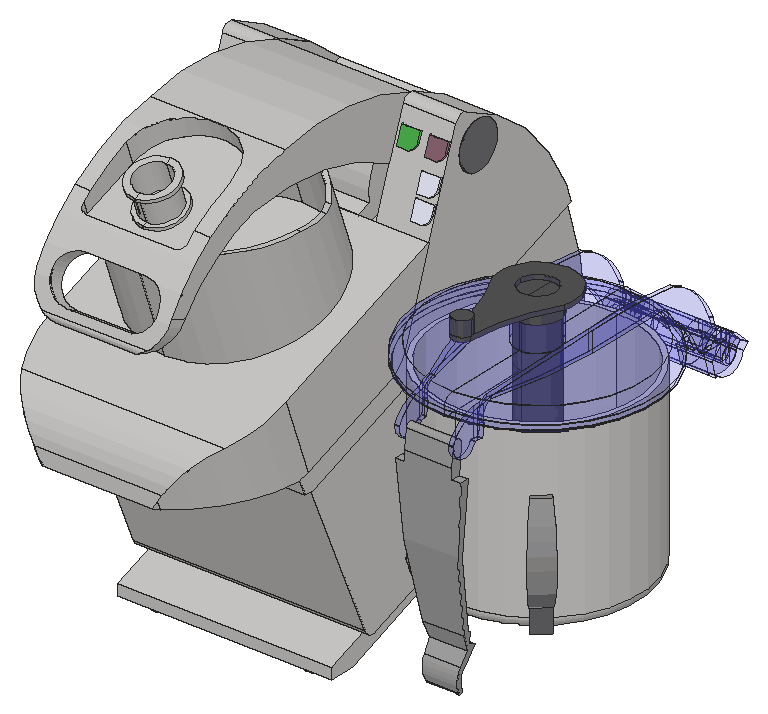
Revit family "QF_ELECTROLUXPROFESSIONAL_600488_TRK55YA", category Specialty Equipment, Revit 2018 (continued)
Definition of nested family "QF_600541_BOWL"
  Lines and regions (mm)
    symbolic lines
      curve 50: arc (40.771, 54.948, 0) -> (114.476, -69.566, 0) -> (21.15, -180.138, 0) r 124.909
      curve 51: arc (-60.771, 41.751, 0) -> (-122.562, -68.863, 0) -> (-42.781, -167.295, 0) r 112.979
      curve 52: line (93.154, -162.392, 0) -> (78.293, -147.531, 0)
      curve 53: line (93.154, -162.392, 0) -> (74.048, -178.424, 0)
      curve 54: line (74.048, -178.424, 0) -> (61.96, -161.274, 0)
      curve 55: arc (-37.781, -168.686, 0) -> (-23.999, -171.284, 0) -> (-10, -172.155, 0) r 112.979
      curve 56: arc (-41.15, -180.138, 0) -> (-94.625, -151.05, 0) -> (-128, -100.142, 0) r 124.909
      curve 57: arc (22.781, -167.295, 0) -> (102.562, -68.863, 0) -> (40.771, 41.751, 0) r 112.979
      curve 58: arc (16.15, -181.317, 0) -> (3.148, -183.391, 0) -> (-10, -184.085, 0) r 124.909
      curve 59: line (16.15, -211, 0) -> (16.15, -177.864, 0)
      curve 60: line (-36.15, -211, 0) -> (-36.15, -177.864, 0)
      curve 61: line (-41.15, -211, 0) -> (21.15, -211, 0)
      curve 62: line (22.008, -210.888, 0) -> (22.008, -197.61, 0)
      curve 63: spline (-42.008, -197.61, 0) -> (-41.937, -197.617, 0) -> (-41.865, -197.622, 0) -> (-41.794, -197.626, 0) -> (-41.722, -197.627, 0) -> (-41.651, -197.627, 0) -> (-41.579, -197.625, 0) -> (-41.508, -197.621, 0) -> (-41.436, -197.615, 0) -> (-41.365, -197.608, 0) -> (-41.293, -197.598, 0) -> (-41.222, -197.587, 0) -> (-41.15, -197.574, 0)
      curve 64: line (-42.008, -210.888, 0) -> (-42.008, -197.61, 0)
      curve 65: arc (-128, -18.211, 0) -> (-101.973, 25.34, 0) -> (-60.771, 54.948, 0) r 124.909
      curve 66: arc (-128, -100.142, 0) -> (-134.909, -59.177, 0) -> (-128, -18.211, 0) r 124.909
      curve 67: line (-108, -177.764, 0) -> (-49.233, -177.764, 0)
      curve 68: line (-128, 191, 0) -> (-128, -17.764, 0)
      curve 69: line (29.233, -177.764, 0) -> (108, -177.764, 0)
      curve 70: line (-128, -97.764, 0) -> (-128, -157.764, 0)
      curve 71: line (-108, 211, 0) -> (108, 211, 0)
      curve 72: arc (-128, -157.764, 0) -> (-122.142, -171.906, 0) -> (-108, -177.764, 0) r 20
      curve 73: arc (108, -177.764, 0) -> (122.142, -171.906, 0) -> (128, -157.764, 0) r 20
      curve 74: arc (128, 191, 0) -> (122.142, 205.142, 0) -> (108, 211, 0) r 20
      curve 75: arc (-108, 211, 0) -> (-122.142, 205.142, 0) -> (-128, 191, 0) r 20
      curve 76: line (45.852, 123.86, 0) -> (-71.073, 123.86, 0)
      curve 77: line (45.852, 137.378, 0) -> (-65.852, 137.378, 0)
      curve 78: line (45.852, 143.082, 0) -> (-65.852, 143.082, 0)
      curve 79: line (53.607, 123.86, 0) -> (45.852, 123.86, 0)
      curve 80: line (45.852, 123.86, 0) -> (45.852, 170.216, 0)
      curve 81: line (45.852, 170.216, 0) -> (-65.852, 170.216, 0)
      curve 82: line (-65.852, 170.216, 0) -> (-65.852, 123.86, 0)
      curve 83: line (102.599, 101.361, 0) -> (117.599, 101.361, 0)
  Dimensions and locks
    plane 4 "TOP" to level = 705.4 mm  (x2)
    plane 7 "LEFT" to plane 3 "Center (Left/Right)" to plane 8 "RIGHT" = 128 mm, 128 mm
    plane 6 "BACK" to plane 1 "Center (Front/Back)" to plane 5 "FRONT" = 211 mm, 211 mm
    plane 6 "BACK" to plane 5 "FRONT" = 422 mm
    plane 7 "LEFT" to plane 8 "RIGHT" = 256 mm
    plane 9 "CenterX" to plane 3 "Center (Left/Right)" = 10 mm
    plane 12 to level = 510 mm
    aligned and locked: level to plane 2
    aligned and locked: Extrusion 5 to cut or joined group of Extrusion 8, Extrusion 9, Extrusion 11, Extrusion 20
